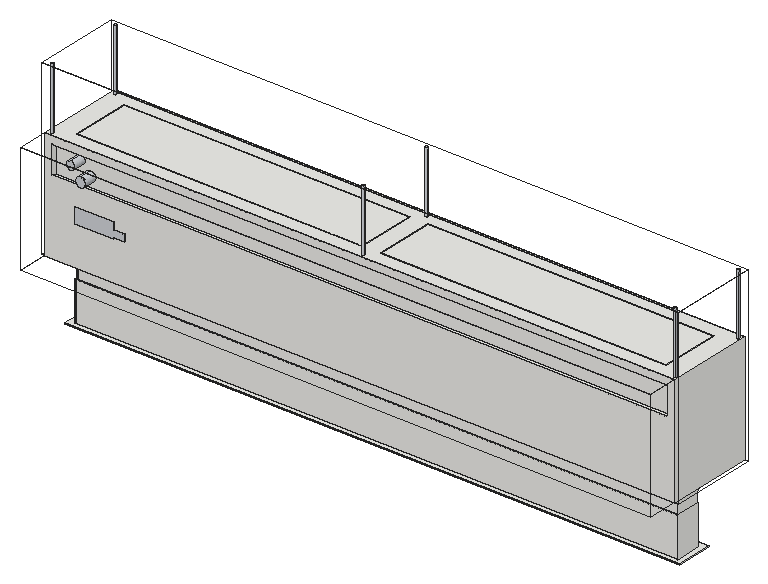
Revit family "AIRTECNICS_AIR CURTAIN_INVISAIR_DX-VRF_(TOSHIBA)", category Mechanical Equipment, Revit 2016 (continued)
Types (12, lengths in mm): name | Weight | Product Size | Product Reference | Product Heating | Product Description | Power Fans | Noise Level (dB(A)) | Mainfolds | Length | Heating Capacity | Gas Coil Volume | External Ut. Reference | Expansion Valve | Dn_Metric_Refrig_Liquid | Dn_Metric_Refrig_Gas | DX VRF | DX Kit | DX Coil Rows = 4 | DX Coil Rows = 3 | DX 1:1 | Current Fans | CT | CR | CH | CDX | Apparent Load | Airflow | L
  IECG 2000 VRF20-TO | 89.00 kg | "2000" | "IECG 2000 VRF20-TO" | "Direct Expansion VRF system" | "Energy saving heat pump air curtain: Up to 70% reduction in costs and CO2 emissions (heating mode).\r\nSpecially designed for applications where the body of the air curtain is to be installed inside a column or bulkhead for architectural reasons. It can be vertically or horizontally mounted.\r\nSelf-supporting casing construction made of galvanized steel plate, finished in structural epoxy-polyester painting white colour RAL9016 as standard. Other colours or stainless steel are available on request. \r\nThe air flow of Invisair follows a straight line from the air inlet grille to the to the discharge. Inlet area inside a bulkhead or column should be designed with suitable grille provided by others.\r\nAnodized aluminium outlet vanes, airfoil shaped, adjustable from 0 to 15º each side.\r\nDouble-inlet centrifugal fans driven by an external rotor motor and low noise level. 5-speed selector. EC models assembled with very low consumption efficiency fans. \r\nIncludes only heating direct expansion coil with installed temperature sensors.\r\nPlug&Play control panel CS-5DX-NE slave DX with 5 speeds selector and 7m telephone cable included.\r\nReady to connect to TOSHIBA VRF outdoor heat pump unit (R410A), not included, the customer should purchase it.\r\nRequires MM-DXC010 TOSHIBA VRF Interface KIT adapted for air curtain, RBC-AMT32-E programmable control and MM-DXV280 expansion valve, please consult.\r\nAir Volume: 4380 m3/h \r\nFans:  0,426 kW  3,72 A 230Vx1 50/60Hz\r\nHeating capacity: 20,21 kW\r\nDimensions: 285x570/620x2055 mm (depth, height, length), including telescopic outlet for easy installation.\r\nNOT SUPPLIED BY AIRTÈCNICS:\r\nMM-DXC010 Interface VRF kit and RBC-AMT32-E programmable control.\r\nExpansion valve MM-DXV280.\r\nExternal unit VRF." | 0.426 kW | 63 | "1\"1/8 & 1/2" | 2055.0 | 20.21 kW | 0.0031 m³ | "Not available" | "MM-DXV280" | 15 | 30 | yes | "MM-DXC010" | no | yes | no | 3.72 A | 8 | 4 | 4 | 0 | 852 VA | 4380 m³/h | 2000.0
  IECG 2000 DX24-TO | 89.00 kg | "2000" | "IECG 2000 DX24-TO" | "Direct Expansion 1:1 system" | "Energy saving heat pump air curtain: Up to 70% reduction in costs and CO2 emissions (heating mode).\r\nSpecially designed for applications where the body of the air curtain is to be installed inside a column or bulkhead for architectural reasons. It can be vertically or horizontally mounted.\r\nSelf-supporting casing construction made of galvanized steel plate, finished in structural epoxy-polyester painting white colour RAL9016 as standard. Other colours or stainless steel are available on request. \r\nThe air flow of Invisair follows a straight line from the air inlet grille to the to the discharge. Inlet area inside a bulkhead or column should be designed with suitable grille provided by others.\r\nAnodized aluminium outlet vanes, airfoil shaped, adjustable from 0 to 15º each side.\r\nDouble-inlet centrifugal fans driven by an external rotor motor and low noise level. 5-speed selector. EC models assembled with very low consumption efficiency fans. \r\nIncludes only heating direct expansion coil with installed temperature sensors.\r\nPlug&Play control panel CS-5DX-NE slave DX with 5 speeds selector and 7m telephone cable included.\r\nReady to connect to TOSHIBA Inverter outdoor heat pump unit (R410A) with expansion valve, not included, the customer should purchase it.\r\nRequires TOSHIBA DX Interface KIT adapted for air curtain RAV-DXC010 and RBC-AMT32-E programmable control, please consult.\r\nAir Volume: 4380 m3/h \r\nFans:  0,426 kW  3,72 A 230Vx1 50/60Hz\r\nHeating capacity: 23,63 kW\r\nDimensions: 285x570/620x2055 mm (depth, height, length), including telescopic outlet for easy installation.\r\nNOT SUPPLIED BY AIRTÈCNICS:\r\nRAV-DXC010 Interface DX kit and RBC-AMT32-E programmable control.\r\nExternal unit:\r\n RAV-SM2804AT8-EExternal unit with direct expansion valve Toshiba, triple phase motor 400Vx3 50Hz.\r\nHeating capacity 27kW. Heating power: 8,15kW. COP 3,31.\r\nCooling capacity 23kW. Cooling power 8,75kW. EER 2,63.\r\nCooling circuits 1\"1/8 - 1/2\".\r\nMinimum length 7,5m.\r\nMaximum length 70m.\r\nMaximum slope 30m." | 0.426 kW | 63 | "1\"1/8 & 1/2" | 2055.0 | 23.63 kW | 0.0041 m³ | "Only Triple Phase" | "Included on External Unit" | 15 | 30 | no | "RAV-DXC010" | yes | no | yes | 3.72 A | 8 | 2 | 2 | 1 | 852 VA | 4380 m³/h | 2000.0
  IECG 2000 DX22-TO | 89.00 kg | "2000" | "IECG 2000 DX22-TO" | "Direct Expansion 1:1 system" | "Energy saving heat pump air curtain: Up to 70% reduction in costs and CO2 emissions (heating mode).\r\nSpecially designed for applications where the body of the air curtain is to be installed inside a column or bulkhead for architectural reasons. It can be vertically or horizontally mounted.\r\nSelf-supporting casing construction made of galvanized steel plate, finished in structural epoxy-polyester painting white colour RAL9016 as standard. Other colours or stainless steel are available on request. \r\nThe air flow of Invisair follows a straight line from the air inlet grille to the to the discharge. Inlet area inside a bulkhead or column should be designed with suitable grille provided by others.\r\nAnodized aluminium outlet vanes, airfoil shaped, adjustable from 0 to 15º each side.\r\nDouble-inlet centrifugal fans driven by an external rotor motor and low noise level. 5-speed selector. EC models assembled with very low consumption efficiency fans. \r\nIncludes only heating direct expansion coil with installed temperature sensors.\r\nPlug&Play control panel CS-5DX-NE slave DX with 5 speeds selector and 7m telephone cable included.\r\nReady to connect to TOSHIBA Inverter outdoor heat pump unit (R410A) with expansion valve, not included, the customer should purchase it.\r\nRequires TOSHIBA DX Interface KIT adapted for air curtain RAV-DXC010 and RBC-AMT32-E programmable control, please consult.\r\nAir Volume: 4380 m3/h \r\nFans:  0,426 kW  3,72 A 230Vx1 50/60Hz\r\nHeating capacity: 22,40 kW\r\nDimensions: 285x570/620x2055 mm (depth, height, length), including telescopic outlet for easy installation.\r\nNOT SUPPLIED BY AIRTÈCNICS:\r\nRAV-DXC010 Interface DX kit and RBC-AMT32-E programmable control.\r\nExternal unit:\r\n RAV-SM2244AT8-EExternal unit with direct expansion valve Toshiba, triple phase motor 400Vx3 50Hz.\r\nHeating capacity 22,4kW. Heating power: 6,49kW. COP 3,45.\r\nCooling capacity 20kW. Cooling power 7,2kW. EER 2,78.\r\nCooling circuits 1\"1/8 - 1/2\".\r\nMinimum length 7,5m.\r\nMaximum length 70m.\r\nMaximum slope 30m." | 0.426 kW | 63 | "1\"1/8 & 1/2" | 2055.0 | 22.4 kW | 0.0041 m³ | "Only Triple Phase" | "Included on External Unit" | 15 | 30 | no | "RAV-DXC010" | yes | no | yes | 3.72 A | 8 | 2 | 2 | 0 | 852 VA | 4380 m³/h | 2000.0
  IECG 1500 VRF15-TO | 69.00 kg | "1500" | "IECG 1500 VRF15-TO" | "Direct Expansion VRF system" | "Energy saving heat pump air curtain: Up to 70% reduction in costs and CO2 emissions (heating mode).\r\nSpecially designed for applications where the body of the air curtain is to be installed inside a column or bulkhead for architectural reasons. It can be vertically or horizontally mounted.\r\nSelf-supporting casing construction made of galvanized steel plate, finished in structural epoxy-polyester painting white colour RAL9016 as standard. Other colours or stainless steel are available on request. \r\nThe air flow of Invisair follows a straight line from the air inlet grille to the to the discharge. Inlet area inside a bulkhead or column should be designed with suitable grille provided by others.\r\nAnodized aluminium outlet vanes, airfoil shaped, adjustable from 0 to 15º each side.\r\nDouble-inlet centrifugal fans driven by an external rotor motor and low noise level. 5-speed selector. EC models assembled with very low consumption efficiency fans. \r\nIncludes only heating direct expansion coil with installed temperature sensors.\r\nPlug&Play control panel CS-5DX-NE slave DX with 5 speeds selector and 7m telephone cable included.\r\nReady to connect to TOSHIBA VRF outdoor heat pump unit (R410A), not included, the customer should purchase it.\r\nRequires MM-DXC010 TOSHIBA VRF Interface KIT adapted for air curtain, RBC-AMT32-E programmable control and MM-DXV140 expansion valve, please consult.\r\nAir Volume: 2920 m3/h \r\nFans:  0,284 kW  2,48 A 230Vx1 50/60Hz\r\nHeating capacity: 15,32 kW\r\nDimensions: 285x570/620x1550 mm (depth, height, length), including telescopic outlet for easy installation.\r\nNOT SUPPLIED BY AIRTÈCNICS:\r\nMM-DXC010 Interface VRF kit and RBC-AMT32-E programmable control.\r\nExpansion valve MM-DXV140.\r\nExternal unit VRF." | 0.284 kW | 62 | "5/8 & 3/8" | 1550.0 | 15.32 kW | 0.003 m³ | "Not available" | "MM-DXV140" | 10 | 16 | yes | "MM-DXC010" | yes | no | no | 2.48 A | 4 | 2 | 4 | 0 | 568 VA | 2920 m³/h | 1500.0
  IECG 1500 VRF13-TO | 69.00 kg | "1500" | "IECG 1500 VRF13-TO" | "Direct Expansion VRF system" | "Energy saving heat pump air curtain: Up to 70% reduction in costs and CO2 emissions (heating mode).\r\nSpecially designed for applications where the body of the air curtain is to be installed inside a column or bulkhead for architectural reasons. It can be vertically or horizontally mounted.\r\nSelf-supporting casing construction made of galvanized steel plate, finished in structural epoxy-polyester painting white colour RAL9016 as standard. Other colours or stainless steel are available on request. \r\nThe air flow of Invisair follows a straight line from the air inlet grille to the to the discharge. Inlet area inside a bulkhead or column should be designed with suitable grille provided by others.\r\nAnodized aluminium outlet vanes, airfoil shaped, adjustable from 0 to 15º each side.\r\nDouble-inlet centrifugal fans driven by an external rotor motor and low noise level. 5-speed selector. EC models assembled with very low consumption efficiency fans. \r\nIncludes only heating direct expansion coil with installed temperature sensors.\r\nPlug&Play control panel CS-5DX-NE slave DX with 5 speeds selector and 7m telephone cable included.\r\nReady to connect to TOSHIBA VRF outdoor heat pump unit (R410A), not included, the customer should purchase it.\r\nRequires MM-DXC010 TOSHIBA VRF Interface KIT adapted for air curtain, RBC-AMT32-E programmable control and MM-DXV140 expansion valve, please consult.\r\nAir Volume: 2920 m3/h \r\nFans:  0,284 kW  2,48 A 230Vx1 50/60Hz\r\nHeating capacity: 13,11 kW\r\nDimensions: 285x570/620x1550 mm (depth, height, length), including telescopic outlet for easy installation.\r\nNOT SUPPLIED BY AIRTÈCNICS:\r\nMM-DXC010 Interface VRF kit and RBC-AMT32-E programmable control.\r\nExpansion valve MM-DXV140.\r\nExternal unit VRF." | 0.284 kW | 62 | "5/8 & 3/8" | 1550.0 | 13.11 kW | 0.0022 m³ | "Not available" | "MM-DXV140" | 10 | 16 | yes | "MM-DXC010" | no | yes | no | 2.48 A | 4 | 4 | 4 | 0 | 568 VA | 2920 m³/h | 1500.0
  IECG 1500 DX15-TO | 69.00 kg | "1500" | "IECG 1500 DX15-TO" | "Direct Expansion 1:1 system" | "Energy saving heat pump air curtain: Up to 70% reduction in costs and CO2 emissions (heating mode).\r\nSpecially designed for applications where the body of the air curtain is to be installed inside a column or bulkhead for architectural reasons. It can be vertically or horizontally mounted.\r\nSelf-supporting casing construction made of galvanized steel plate, finished in structural epoxy-polyester painting white colour RAL9016 as standard. Other colours or stainless steel are available on request. \r\nThe air flow of Invisair follows a straight line from the air inlet grille to the to the discharge. Inlet area inside a bulkhead or column should be designed with suitable grille provided by others.\r\nAnodized aluminium outlet vanes, airfoil shaped, adjustable from 0 to 15º each side.\r\nDouble-inlet centrifugal fans driven by an external rotor motor and low noise level. 5-speed selector. EC models assembled with very low consumption efficiency fans. \r\nIncludes only heating direct expansion coil with installed temperature sensors.\r\nPlug&Play control panel CS-5DX-NE slave DX with 5 speeds selector and 7m telephone cable included.\r\nReady to connect to TOSHIBA Inverter outdoor heat pump unit (R410A) with expansion valve, not included, the customer should purchase it.\r\nRequires TOSHIBA DX Interface KIT adapted for air curtain RAV-DXC010 and RBC-AMT32-E programmable control, please consult.\r\nAir Volume: 2920 m3/h \r\nFans:  0,284 kW  2,48 A 230Vx1 50/60Hz\r\nHeating capacity: 15,32 kW\r\nDimensions: 285x570/620x1550 mm (depth, height, length), including telescopic outlet for easy installation.\r\nNOT SUPPLIED BY AIRTÈCNICS:\r\nRAV-DXC010 Interface DX kit and RBC-AMT32-E programmable control.\r\nExternal unit:\r\nOption 1: RAV-SM1603AT-E\r\nExternal unit with direct expansion valve Toshiba, single phase motor 230Vx1 50Hz.\r\nHeating capacity 16kW. Heating power: 4,43kW. COP 3,61.\r\nCooling capacity 14kW. Cooling power 4,49kW. EER 3,12.\r\nCooling circuits 5/8\" - 3/8\".\r\nMinimum length 5m.\r\nMaximum length 50m.\r\nMaximum slope 30m.\r\nOption 2: RAV-SP1604AT8-E\r\nExternal unit with direct expansion valve Toshiba, triple phase motor 400Vx3 50Hz.\r\nHeating capacity 16kW. Heating power: 4,3kW. COP 3,72.\r\nCooling capacity 14kW. Cooling power 4,49kW. EER 3,12.\r\nCooling circuits 5/8\" - 3/8\".\r\nMinimum length 3m.\r\nMaximum length 75m.\r\nMaximum slope 30m." | 0.284 kW | 62 | "5/8 & 3/8" | 1550.0 | 15.32 kW | 0.003 m³ | "RAV-SM1603AT-E" | "Included on External Unit" | 10 | 16 | no | "RAV-DXC010" | yes | no | yes | 2.48 A | 4 | 2 | 2 | 0 | 568 VA | 2920 m³/h | 1500.0
  IECG 1500 DX13-TO | 69.00 kg | "1500" | "IECG 1500 DX13-TO" | "Direct Expansion 1:1 system" | "Energy saving heat pump air curtain: Up to 70% reduction in costs and CO2 emissions (heating mode).\r\nSpecially designed for applications where the body of the air curtain is to be installed inside a column or bulkhead for architectural reasons. It can be vertically or horizontally mounted.\r\nSelf-supporting casing construction made of galvanized steel plate, finished in structural epoxy-polyester painting white colour RAL9016 as standard. Other colours or stainless steel are available on request. \r\nThe air flow of Invisair follows a straight line from the air inlet grille to the to the discharge. Inlet area inside a bulkhead or column should be designed with suitable grille provided by others.\r\nAnodized aluminium outlet vanes, airfoil shaped, adjustable from 0 to 15º each side.\r\nDouble-inlet centrifugal fans driven by an external rotor motor and low noise level. 5-speed selector. EC models assembled with very low consumption efficiency fans. \r\nIncludes only heating direct expansion coil with installed temperature sensors.\r\nPlug&Play control panel CS-5DX-NE slave DX with 5 speeds selector and 7m telephone cable included.\r\nReady to connect to TOSHIBA VRF outdoor heat pump unit (R410A), not included, the customer should purchase it.\r\nRequires RAV-DXC010 TOSHIBA VRF Interface KIT adapted for air curtain, RBC-AMT32-E programmable control and :XXXX: expansion valve, please consult.\r\nAir Volume: 2920 m3/h \r\nFans:  0,284 kW  2,48 A 230Vx1 50/60Hz\r\nHeating capacity: 13,11 kW\r\nDimensions: 285x570/620x1550 mm (depth, height, length), including telescopic outlet for easy installation.\r\nNOT SUPPLIED BY AIRTÈCNICS:\r\nRAV-DXC010 Interface DX kit and RBC-AMT32-E programmable control.\r\nExternal unit:\r\nOption 1: RAV-SM1404ATP-E\r\nExternal unit with direct expansion valve Toshiba, single phase motor 230Vx1 50Hz.\r\nHeating capacity 14kW. Heating power: 3,8kW. COP 3,68.\r\nCooling capacity 12kW. Cooling power 3,74kW. EER 3,21.\r\nCooling circuits 5/8\" - 3/8\".\r\nMinimum length 5m.\r\nMaximum length 50m.\r\nMaximum slope 30m.\r\nOption 2: RAV-SP1404AT8-E\r\nExternal unit with direct expansion valve Toshiba, triple phase motor 400Vx3 50Hz.\r\nHeating capacity 14kW. Heating power: 3,8kW. COP 3,68.\r\nCooling capacity 12kW. Cooling power 3,74kW. EER 3,21.\r\nCooling circuits 5/8\" - 3/8\".\r\nMinimum length 3m.\r\nMaximum length 75m.\r\nMaximum slope 30m." | 0.284 kW | 62 | "5/8 & 3/8" | 1550.0 | 13.11 kW | 0.0022 m³ | "RAV-SM1404ATP-E" | "Included on External Unit" | 10 | 16 | no | "RAV-DXC010" | no | yes | yes | 2.48 A | 4 | 4 | 2 | 0 | 568 VA | 2920 m³/h | 1500.0
